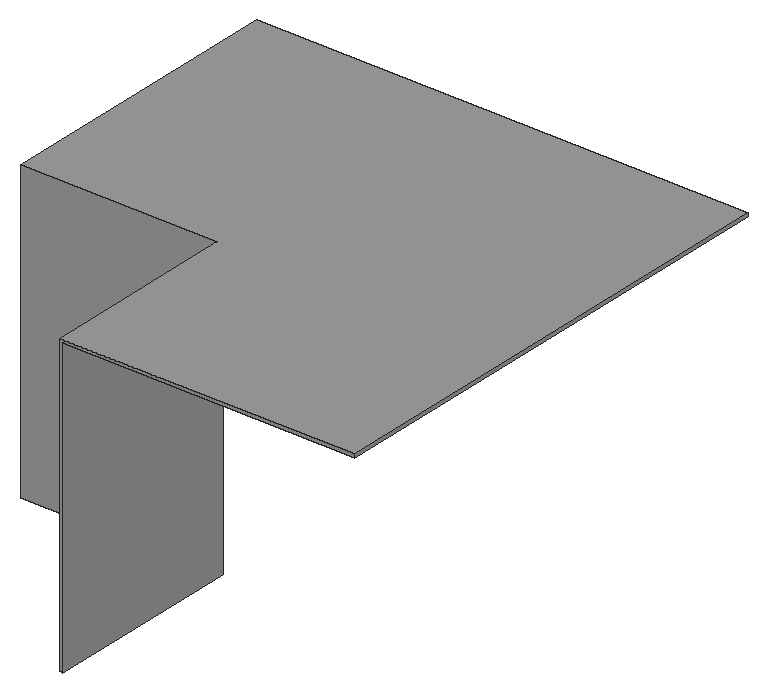
Revit family "955a87c4-dc97-4a49-ad2e-a948c87301ea", category Generic Models, Revit 2012
Parameters (values of type "As Specified")
  Unit Width = 0' - 10"
  Unit Height = 0' - 6"
  Unit Depth = 0' - 6"
  URL = "http://www.hyload.com/"
  Thickness = 0' - 0 1/16"
  Specification = "http://www.arcat.com/sdspecs/htm04/07_65_00hyl.htm"
  Sales Information = "http://www.hyload.com/contact-us"
  Revision = "R1_12-2015"
  Product Properties = "http://www.hyload.com/masonry-flashing/preformed-shapes/"
  Product Data = "http://www.arcat.com/arcatcos/cos33/arc33176.html"
  Model = "Interior Corner Cap"
  Manufacturer Website = "http://www.hyload.com/"
  Manufacturer Phone - Toll Free = "800-457-4056"
  Manufacturer Phone = "330-769-3546"
  Manufacturer Fax = "330-769-4153"
  Manufacturer Address = "5020 Panther Pkwy., Seville, OH 44273"
  Manufacturer = "Hyload"
  Keynote = "07 65 00"
  Flashing Material = Hyload Flashing Membrane - Grey
  Drawn By = "Robert S. Weygant / Sumex Design"
  Description = "Preformed Hyload Masonry Flashing - Interior Corner Cap"
  Copyright = "(c) ARCAT, Inc, 2015"
  Construction Details = "http://www.arcat.com/details/hyload/hyload.html?coid=33176"
  Assembly Code = "B3010400"
Reference planes (in)
  plane 1 "Center (Front/Back)": y = 0
  plane 2: z = 0
  plane 3 "Center (Left/Right)": x = 0
  plane 4: y = 6
  plane 5: x = 6
  plane 6: z = 6
  plane 7: y = -4
  plane 8: x = -4
Forms (in)
  Sweep 1, solid, material "Hyload Flashing Membrane - Grey" <- "Flashing Material"
    path origin (0, 0, 0) x (1, 0, 0) y (0, 1, 0)
      loop
        line (0, -4) -> (0, 0) -> (-4, 0)
    profile origin (0, -2, 0) x (-1, 0, 0) y (0, 0, 1)
      loop
        line (0, 0) -> (0, 6.0625) -> (-6, 6.0625) -> (-6, 6) -> (-0.0625, 6) -> (-0.0625, 0) -> (0, 0)
Dimensions and locks (in)
  "Unit Depth": plane 1 "Center (Front/Back)" to plane 4
  "Unit Depth": plane 3 "Center (Left/Right)" to plane 5
  "Thickness": Sweep 1 sketch curve to plane 3 "Center (Left/Right)"
  "Unit Height": plane 6 to level
  "Unit Width": plane 8 to plane 5
  "Unit Width": plane 4 to plane 7
  "Thickness": Sweep 1 sketch curve to plane 6
  aligned and locked: plane 2 to level
  aligned and locked: Sweep 1 sketch curve to plane 1 "Center (Front/Back)"
  aligned and locked: plane 3 "Center (Left/Right)" to Sweep 1 sketch curve
  aligned and locked: Sweep 1 sketch curve to level
  aligned and locked: plane 6 to Sweep 1 sketch curve
  aligned and locked: plane 8 to Sweep 1 sketch curve
  aligned and locked: plane 7 to Sweep 1 sketch curve
  aligned and locked: plane 5 to Sweep 1 sketch curve
Automatic sketch dimensions
  Sweep 1 sketch curve to profile plane = 0' - 0"
